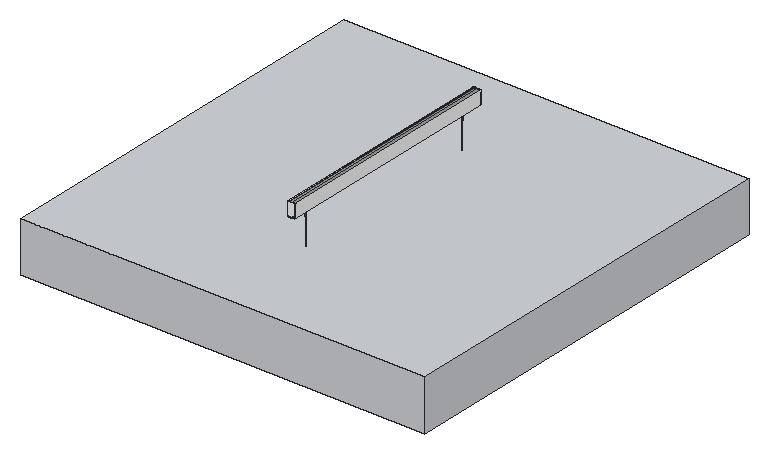
Revit family "LAMP_FIL 45 1400MM D-I OPAL", category Luminarias, Revit 2018
Family settings
  Anfitrión = Cara
  Cota de conector redondo = Diámetro de uso
  Tipo de pieza = Normal
  Corte con vacíos al cargar = No
  Origen de luz = Sí
  Compartido = No
  Punto de cálculo de habitación = No
Parameters (values of type "5000LM 3000K  BLACK")
  Ángulo de inclinación = -90.00°
  Weight = 3.20 kg
  Wattage = 23.31 W
  Type = "MID POWER TRIDONIC"
  built-in parameter 1150107 = 3000 (stored number, unit not read)
  Suspension distance [instance] = if(Suspension > 4000 mm, 4000 mm, if(Suspension < 1 mm, 1 mm, Suspension))  # 200 mm
  Suspension [instance] = 200 mm
  built-in parameter 1150110 = 1 (stored number, unit not read)
  built-in parameter 1150109 = 1 (stored number, unit not read)
  built-in parameter 1150112 = 1 (stored number, unit not read)
  built-in parameter 1150113 = 1 (stored number, unit not read)
  built-in parameter 1114218 = 1 (stored number, unit not read)
  Protection rating = "IP20 / IK07"
  Product datasheet = "http://www.lamp.es/product-files/TECH/F41SF140MOIO830NB-EN.pdf"
  Product code = "F41SF140MOIO830NB"
  Product URL = "https://www.lamp.es/en/family/fil-45_413951"
  Power Supply = "220-240V 50/60Hz"
  Power = 30 W
  Plum = 33.3 W
  Photobiological risk = ""
  NOT COVER 2 [instance] = not(END COVER 2)  # no
  NOT COVER 1 [instance] = not(END COVER 1)  # no
  built-in parameter 1150137 = (empty or 0)
  built-in parameter 1150132 = 2
  Modelo = Product code  # "F41SF140MOIO830NB"
  Model Explanation = ""
  Material suspension = LAMP_Acero genérico
  Material perfil = LAMP_Aluminio Perfil Fil NG
  Material difusor = LAMP_PC Difusor Opal Fil
  Manufacturer name = "LAMP"
  Manufacturer country = "Spain"
  Manufacturer URL = "http://www.lamp.es/en"
  MacAdam = "3"
  Longitud de línea de emisión = 1400 mm
  Last update = "21/04/2021"
  Lamp = "MID-POWER LED"
  LED Lifetime = "70.000 L80 B10"
  built-in parameter 1150105 = 177.59 (stored number, unit not read)
  built-in parameter 1150102 = (empty or 0)
  Insulation class = "I"
  Installation instructions = "https://www.lamp.es/product-files/INS/1004580-C%20INSTR.%20FIL45.pdf"
  Indirect light = LAMP_FIL 45 1400MM D-I OPAL_I : 3000K
  built-in parameter 1150106 = 1.7759 (stored number, unit not read)
  IEE = "A+"
  Gear = "Electronic"
  Lumens = 2231.7 lm
  Finish = "Matte black RAL 9011"
  Color Filter = 16777215
  built-in parameter 1114217 = 1 (stored number, unit not read)
  built-in parameter 1150139 = (empty or 0)
  Fabricante = Manufacturer name  # "LAMP"
  Default Elevation = 1219.2 mm
  built-in parameter 1150104 = 8.8945 (stored number, unit not read)
  Efficacy = 95.72 lm/W
  END COVER 2 [instance] = yes
  END COVER 1 [instance] = yes
  Dimensions = "1400x45x80"
  Descripción = "FIL45 SUR 1400 5000 WW D/I OPAL BK."
  built-in parameter 1150115 = 1 (stored number, unit not read)
  built-in parameter 1150114 = 1 (stored number, unit not read)
  built-in parameter 1150138 = (empty or 0)
  built-in parameter 1150134 = 3
  Dimming Lamp Color Temperature Shift = (empty or 0)
  CRI = "80"
  Archivo de red fotométrica = "F41SF140MOIO830NW_D.IES"
  built-in parameter 1150133 = 10 (stored number, unit not read)
Types (12, lengths in mm): name | Weight | built-in parameter 1150107 | Product datasheet | Product code | Modelo | Material perfil | built-in parameter 1150105 | Indirect light | built-in parameter 1150106 | Lumens | Finish | built-in parameter 1150104 | Efficacy | Descripción | Archivo de red fotométrica
  5000LM 3000K DALI BLACK | 3.348 kg | 3000 (stored number, unit not read) | "http://www.lamp.es/product-files/TECH/F41SF140MOIO830DB-EN.pdf" | "F41SF140MOIO830DB" | "F41SF140MOIO830DB" | LAMP_Aluminio Perfil Fil NG | 848.78 (stored number, unit not read) | LAMP_FIL 45 1400MM D-I OPAL_I : 3000K | 8.4878 (stored number, unit not read) | 2231.7 lm | "Matte black RAL 9011" | 8.8945 (stored number, unit not read) | 95.72 lm/W | "FIL45 SUR 1400 5000 WW D/I OPAL DALI BK." | "F41SF140MOIO830NW_D.IES"
  5000LM 3000K DALI GREY | 3.348 kg | 3000 (stored number, unit not read) | "http://www.lamp.es/product-files/TECH/F41SF140MOIO830DG-EN.pdf" | "F41SF140MOIO830DG" | "F41SF140MOIO830DG" | LAMP_Aluminio Perfil Fil GR | 177.59 (stored number, unit not read) | LAMP_FIL 45 1400MM D-I OPAL_I : 3000K | 1.7759 (stored number, unit not read) | 2231.7 lm | "Gloss grey" | 8.8945 (stored number, unit not read) | 95.72 lm/W | "FIL45 SUR 1400 5000 WW D/I OPAL DALI GR." | "F41SF140MOIO830NW_D.IES"
  5000LM 3000K DALI WHITE | 3.348 kg | 3000 (stored number, unit not read) | "http://www.lamp.es/product-files/TECH/F41SF140MOIO830DW-EN.pdf" | "F41SF140MOIO830DW" | "F41SF140MOIO830DW" | LAMP_Aluminio Perfil Fil BL | 177.59 (stored number, unit not read) | LAMP_FIL 45 1400MM D-I OPAL_I : 3000K | 1.7759 (stored number, unit not read) | 2231.7 lm | "Matte white RAL 9010" | 8.8945 (stored number, unit not read) | 95.72 lm/W | "FIL45 SUR 1400 5000 WW D/I OPAL DALI WH." | "F41SF140MOIO830NW_D.IES"
  5000LM 3000K  BLACK | 3.20 kg | 3000 (stored number, unit not read) | "http://www.lamp.es/product-files/TECH/F41SF140MOIO830NB-EN.pdf" | "F41SF140MOIO830NB" | "F41SF140MOIO830NB" | LAMP_Aluminio Perfil Fil NG | 177.59 (stored number, unit not read) | LAMP_FIL 45 1400MM D-I OPAL_I : 3000K | 1.7759 (stored number, unit not read) | 2231.7 lm | "Matte black RAL 9011" | 8.8945 (stored number, unit not read) | 95.72 lm/W | "FIL45 SUR 1400 5000 WW D/I OPAL BK." | "F41SF140MOIO830NW_D.IES"
  5000LM 3000K  GREY | 3.20 kg | 3000 (stored number, unit not read) | "http://www.lamp.es/product-files/TECH/F41SF140MOIO830NG-EN.pdf" | "F41SF140MOIO830NG" | "F41SF140MOIO830NG" | LAMP_Aluminio Perfil Fil GR | 177.59 (stored number, unit not read) | LAMP_FIL 45 1400MM D-I OPAL_I : 3000K | 1.7759 (stored number, unit not read) | 2231.7 lm | "Gloss grey" | 8.8945 (stored number, unit not read) | 95.72 lm/W | "FIL45 SUR 1400 5000 WW D/I OPAL GR." | "F41SF140MOIO830NW_D.IES"
  5000LM 3000K  WHITE | 3.20 kg | 3000 (stored number, unit not read) | "http://www.lamp.es/product-files/TECH/F41SF140MOIO830NW-EN.pdf" | "F41SF140MOIO830NW" | "F41SF140MOIO830NW" | LAMP_Aluminio Perfil Fil BL | 177.56 (stored number, unit not read) | LAMP_FIL 45 1400MM D-I OPAL_I : 3000K | 1.7756 (stored number, unit not read) | 2231.23 lm | "Matte white RAL 9010" | 8.8927 (stored number, unit not read) | 95.72 lm/W | "FIL45 SUR 1400 5000 WW D/I OPAL WH." | "F41SF140MOIO830NW_D.IES"
  5000LM 4000K DALI BLACK | 3.348 kg | 4000 (stored number, unit not read) | "http://www.lamp.es/product-files/TECH/F41SF140MOIO840DB-EN.pdf" | "F41SF140MOIO840DB" | "F41SF140MOIO840DB" | LAMP_Aluminio Perfil Fil NG | 185.27 (stored number, unit not read) | LAMP_FIL 45 1400MM D-I OPAL_I : 4000K | 1.8527 (stored number, unit not read) | 2328.2 lm | "Matte black RAL 9011" | 9.2792 (stored number, unit not read) | 99.88 lm/W | "FIL45 SUR 1400 5000 NW D/I OPAL DALI BK." | "F41SF140MOIO840NW_D.IES"
  5000LM 4000K DALI GREY | 3.348 kg | 4000 (stored number, unit not read) | "http://www.lamp.es/product-files/TECH/F41SF140MOIO840DG-EN.pdf" | "F41SF140MOIO840DG" | "F41SF140MOIO840DG" | LAMP_Aluminio Perfil Fil GR | 185.27 (stored number, unit not read) | LAMP_FIL 45 1400MM D-I OPAL_I : 4000K | 1.8527 (stored number, unit not read) | 2328.2 lm | "Gloss grey" | 9.2792 (stored number, unit not read) | 99.88 lm/W | "FIL45 SUR 1400 5000 NW D/I OPAL DALI GR." | "F41SF140MOIO840NW_D.IES"
  5000LM 4000K DALI WHITE | 3.348 kg | 4000 (stored number, unit not read) | "http://www.lamp.es/product-files/TECH/F41SF140MOIO840DW-EN.pdf" | "F41SF140MOIO840DW" | "F41SF140MOIO840DW" | LAMP_Aluminio Perfil Fil BL | 185.27 (stored number, unit not read) | LAMP_FIL 45 1400MM D-I OPAL_I : 4000K | 1.8527 (stored number, unit not read) | 2328.2 lm | "Matte white RAL 9010" | 9.2792 (stored number, unit not read) | 99.88 lm/W | "FIL45 SUR 1400 5000 NW D/I OPAL DALI WH." | "F41SF140MOIO840NW_D.IES"
  5000LM 4000K  BLACK | 3.20 kg | 4000 (stored number, unit not read) | "http://www.lamp.es/product-files/TECH/F41SF140MOIO840NB-EN.pdf" | "F41SF140MOIO840NB" | "F41SF140MOIO840NB" | LAMP_Aluminio Perfil Fil NG | 185.27 (stored number, unit not read) | LAMP_FIL 45 1400MM D-I OPAL_I : 4000K | 1.8527 (stored number, unit not read) | 2328.2 lm | "Matte black RAL 9011" | 9.2792 (stored number, unit not read) | 99.88 lm/W | "FIL45 SUR 1400 5000 NW D/I OPAL BK." | "F41SF140MOIO840NW_D.IES"
  5000LM 4000K  GREY | 3.20 kg | 4000 (stored number, unit not read) | "http://www.lamp.es/product-files/TECH/F41SF140MOIO840NG-EN.pdf" | "F41SF140MOIO840NG" | "F41SF140MOIO840NG" | LAMP_Aluminio Perfil Fil GR | 185.27 (stored number, unit not read) | LAMP_FIL 45 1400MM D-I OPAL_I : 4000K | 1.8527 (stored number, unit not read) | 2328.2 lm | "Gloss grey" | 9.2792 (stored number, unit not read) | 99.88 lm/W | "FIL45 SUR 1400 5000 NW D/I OPAL GR." | "F41SF140MOIO840NW_D.IES"
  5000LM 4000K  WHITE | 3.20 kg | 4000 (stored number, unit not read) | "http://www.lamp.es/product-files/TECH/F41SF140MOIO840NW-EN.pdf" | "F41SF140MOIO840NW" | "F41SF140MOIO840NW" | LAMP_Aluminio Perfil Fil BL | 185.27 (stored number, unit not read) | LAMP_FIL 45 1400MM D-I OPAL_I : 4000K | 1.8527 (stored number, unit not read) | 2328.2 lm | "Matte white RAL 9010" | 9.2792 (stored number, unit not read) | 99.88 lm/W | "FIL45 SUR 1400 5000 NW D/I OPAL WH." | "F41SF140MOIO840NW_D.IES"
Reference planes
  plane 1 "Centro (Frontal/Posterior)": y = 0
  plane 2: z = 0
  plane 3 "Centro (Izquierda/Derecha)": x = 0
Forms (mm)
  Extrusion 1, solid
    sketch origin (0, 0, 0) x (1, 0, 0) y (0, 1, 0)
      loop
        line (-1219.2, 1219.2) -> (-1219.2, -1219.2) -> (1219.2, -1219.2) -> (1219.2, 1219.2) -> (-1219.2, 1219.2)
    from 0 to -304.8
  Extrusion 2, solid, material "LAMP_Aluminio Perfil Fil NG" <- "Material perfil"
    sketch origin (0, 0, 0) x (1, 0, 0) y (0, 0, 1)
      loop
        arc (22.5, 285.7) -> (21.5, 286.7) -> (20.5, 285.7) r 1
        line (20.5, 285.7) -> (20.5, 284.2) -> (17.8, 284.2) -> (17.8, 259) -> (0, 259) -> (-17.8, 259) -> (-17.8, 284.2) -> (-20.5, 284.2) -> (-20.5, 285.7)
        arc (-20.5, 285.7) -> (-21.5, 286.7) -> (-22.5, 285.7) r 1
        line (-22.5, 285.7) -> (-22.5, 206.5) -> (-20.7, 206.5) -> (-20.7, 210) -> (-12.5, 210) -> (-12.5, 208) -> (-14.8, 208) -> (-14.5, 206.5) -> (-11, 206.5) -> (-11, 214.5) -> (0, 214.5) -> (11, 214.5) -> (11, 206.5) -> (14.5, 206.5) -> (14.8, 208) -> (12.5, 208) -> (12.5, 210) -> (20.7, 210) -> (20.7, 206.5) -> (22.5, 206.5) -> (22.5, 285.7)
    from -700 to 700
  Extrusion 3, solid, material "LAMP_Acero genérico" <- "Material suspension"
    sketch origin (0, 0, 0) x (1, 0, 0) y (0, 0, 1)
      loop
        line (-12.5, 201) -> (-15.291, 208.272) -> (-12.823, 210) -> (-13.823, 210) -> (-16.291, 208.272) -> (-13.116, 200) -> (0, 200) -> (13.116, 200) -> (16.291, 208.272) -> (13.823, 210) -> (12.823, 210) -> (15.291, 208.272) -> (12.5, 201) -> (0, 201) -> (-12.5, 201)
    from -600 to -578
  Extrusion 4, solid, material "LAMP_Acero genérico" <- "Material suspension"
    sketch origin (0, -224, 0) x (1, 0, 0) y (0, 1, 0)
      loop
        circle (0, -365) r 5
    from 163.2 to 200
  Extrusion 5, solid, material "LAMP_Acero genérico" <- "Material suspension"
    sketch origin (0, 224, 0) x (1, 0, 0) y (0, 1, 0)
      loop
        circle (0, 365) r 5
    from 163.2 to 200
  Extrusion 6, solid, material "LAMP_Acero genérico" <- "Material suspension"
    sketch origin (0, -200, 0) x (1, 0, 0) y (0, 1, 0)
      loop
        circle (0, -389) r 1
    from 0 to 163.2
  Extrusion 7, solid, material "LAMP_Acero genérico" <- "Material suspension"
    sketch origin (0, 200, 0) x (1, 0, 0) y (0, 1, 0)
      loop
        circle (0, 389) r 1
    from 0 to 163.2
  Extrusion 8, solid, material "LAMP_PC Difusor Opal Fil" <- "Material difusor"
    sketch origin (0, 0, 0) x (1, 0, 0) y (0, 0, 1)
      loop
        line (-20.5, 284.2) -> (0, 284.2) -> (20.5, 284.2) -> (20.5, 286.7) -> (0, 286.7) -> (-20.5, 286.7) -> (-20.5, 284.2)
    from -700 to 700
  Extrusion 9, solid, material "LAMP_Acero genérico" <- "Material suspension"
    sketch origin (0, -200, 0) x (1, 0, 0) y (0, 0, -1)
      loop
        line (-12.5, -201) -> (0, -201) -> (12.5, -201) -> (15.291, -208.272) -> (12.823, -210) -> (13.823, -210) -> (16.291, -208.272) -> (13.116, -200) -> (0, -200) -> (-13.116, -200) -> (-16.291, -208.272) -> (-13.823, -210) -> (-12.823, -210) -> (-15.291, -208.272) -> (-12.5, -201)
    from -400 to -378
  Extrusion 10, solid, material "LAMP_PC Difusor Opal Fil" <- "Material difusor"
    sketch origin (0, 0, 0) x (1, 0, 0) y (0, 0, 1)
      loop
        line (-11, 214.5) -> (-11, 206.5) -> (-7.529, 206.5) -> (11, 206.5) -> (11, 214.5) -> (10, 214.5) -> (10, 207.5) -> (-10, 207.5) -> (-10, 214.5) -> (-11, 214.5)
    from -700 to 700
Lines and regions (mm)
  reference lines
    curve 1: line (0, -445.47, 200) -> (0, 544.53, 200)
Text (mm)
  text "Any modification of the parameters and properties of the LAMP BIM models must be executed and validated by the LAMP technical department.\nPhone: +34 93 736 68 00\nE-mail: lamp@lamp.es\n\nLAMP reserves the right to modify the technical specifications of its products." at (3279.264, 5298.162, -2684.539), in view "Preview"
Dimensions and locks
  "Suspension distance": level to curve 1
  locked: Extrusion 4 to Extrusion 4 at 36.8
  locked: Extrusion 5 to Extrusion 5 at 36.8
  aligned and locked: plane 2 to Extrusion 1
  aligned and locked: level to Extrusion 1
  aligned and locked: Extrusion 8 to Extrusion 2  (x2)
  aligned and locked: Extrusion 9 to curve 1
  aligned and locked: curve 1 to Extrusion 3
  aligned and locked: curve 1 to Extrusion 4
  aligned and locked: Extrusion 5 to curve 1
  aligned and locked: Extrusion 6 to Extrusion 4
  aligned and locked: Extrusion 7 to Extrusion 5
  aligned and locked: Extrusion 2 to Extrusion 9  (x2)
  aligned and locked: imposter light to Extrusion 8
  aligned and locked: Extrusion 10 to Extrusion 2
  aligned and locked: nested 1 to Extrusion 2  (x2)
  aligned and locked: nested 2 to Extrusion 2
Automatic sketch dimensions
  Extrusion 1 sketch curve to Extrusion 1 sketch curve = 2438.4 mm  (x2)
  Extrusion 3 sketch curve to plane 3 "Centro (Izquierda/Derecha)" = 0 mm  (x2)
  Extrusion 3 sketch curve to Extrusion 3 sketch curve = 12.5 mm
  Extrusion 3 sketch curve to Extrusion 3 sketch curve = 0.323 mm  (x2)
  Extrusion 3 sketch curve to Extrusion 3 sketch curve = 0.616 mm  (x2)
  Extrusion 3 sketch curve to Extrusion 3 sketch curve = 1 mm  (x5)
  Extrusion 3 sketch curve to Extrusion 3 sketch curve = 1.468 mm  (x2)
  plane 3 "Centro (Izquierda/Derecha)" to Extrusion 3 sketch curve = 12.5 mm
  level to Extrusion 3 sketch curve = 200 mm
  Extrusion 3 sketch curve to Extrusion 3 sketch curve = 7.272 mm  (x2)
  Extrusion 3 sketch curve to Extrusion 3 sketch curve = 0 mm  (x2)
  Extrusion 3 sketch curve to Extrusion 3 sketch curve = 1.728 mm  (x2)
  Extrusion 4 sketch curve to plane 3 "Centro (Izquierda/Derecha)" = 0 mm
  plane 1 "Centro (Frontal/Posterior)" to Extrusion 4 sketch curve = 589 mm
  Extrusion 5 sketch curve to plane 3 "Centro (Izquierda/Derecha)" = 0 mm
  plane 1 "Centro (Frontal/Posterior)" to Extrusion 5 sketch curve = 589 mm
  Extrusion 6 sketch curve to plane 3 "Centro (Izquierda/Derecha)" = 0 mm
  plane 1 "Centro (Frontal/Posterior)" to Extrusion 6 sketch curve = 589 mm
  Extrusion 7 sketch curve to plane 3 "Centro (Izquierda/Derecha)" = 0 mm
  plane 1 "Centro (Frontal/Posterior)" to Extrusion 7 sketch curve = 589 mm
  Extrusion 2 sketch curve to plane 3 "Centro (Izquierda/Derecha)" = 0 mm  (x2)
  Extrusion 2 sketch curve to plane 3 "Centro (Izquierda/Derecha)" = 11 mm
  Extrusion 2 sketch curve to Extrusion 2 sketch curve = 1.5 mm  (x6)
  Extrusion 2 sketch curve to Extrusion 2 sketch curve = 2 mm  (x2)
  Extrusion 2 sketch curve to Extrusion 2 sketch curve = 0.3 mm  (x2)
  Extrusion 2 sketch curve to Extrusion 2 sketch curve = 17.8 mm
  Extrusion 2 sketch curve to Extrusion 2 sketch curve = 2.7 mm  (x2)
  Extrusion 2 sketch curve to Extrusion 2 sketch curve = 5.9 mm  (x2)
  Extrusion 2 sketch curve to Extrusion 2 sketch curve = 1 mm  (x2)
  plane 3 "Centro (Izquierda/Derecha)" to Extrusion 2 sketch curve = 11 mm
  plane 3 "Centro (Izquierda/Derecha)" to Extrusion 2 sketch curve = 17.8 mm
  level to Extrusion 2 sketch curve = 206.5 mm
  Extrusion 2 sketch curve to Extrusion 2 sketch curve = 0 mm  (x3)
  Extrusion 2 sketch curve to Extrusion 2 sketch curve = 3.5 mm  (x2)
  Extrusion 2 sketch curve to Extrusion 2 sketch curve = 4.5 mm
  Extrusion 2 sketch curve to Extrusion 2 sketch curve = 44.5 mm
  Extrusion 2 sketch curve to Extrusion 2 sketch curve = 25.2 mm  (x2)
  Extrusion 8 sketch curve to plane 3 "Centro (Izquierda/Derecha)" = 0 mm  (x2)
  Extrusion 8 sketch curve to Extrusion 8 sketch curve = 20.5 mm
  plane 3 "Centro (Izquierda/Derecha)" to Extrusion 8 sketch curve = 20.5 mm
  level to Extrusion 8 sketch curve = 284.2 mm
  Extrusion 8 sketch curve to Extrusion 8 sketch curve = 2.5 mm
  Extrusion 9 sketch curve to plane 3 "Centro (Izquierda/Derecha)" = 0 mm  (x2)
  Extrusion 9 sketch curve to Extrusion 9 sketch curve = 12.5 mm
  Extrusion 9 sketch curve to Extrusion 9 sketch curve = 0.323 mm  (x2)
  Extrusion 9 sketch curve to Extrusion 9 sketch curve = 0.616 mm  (x2)
  Extrusion 9 sketch curve to Extrusion 9 sketch curve = 1 mm  (x5)
  Extrusion 9 sketch curve to Extrusion 9 sketch curve = 1.468 mm  (x2)
  plane 3 "Centro (Izquierda/Derecha)" to Extrusion 9 sketch curve = 12.5 mm
  level to Extrusion 9 sketch curve = 210 mm
  Extrusion 9 sketch curve to Extrusion 9 sketch curve = 0 mm  (x3)
  Extrusion 9 sketch curve to Extrusion 9 sketch curve = 1.728 mm  (x2)
  Extrusion 9 sketch curve to Extrusion 9 sketch curve = 7.272 mm
  Extrusion 10 sketch curve to plane 3 "Centro (Izquierda/Derecha)" = 11 mm
  Extrusion 10 sketch curve to Extrusion 10 sketch curve = 1 mm  (x3)
  Extrusion 10 sketch curve to Extrusion 10 sketch curve = 2.471 mm
  plane 3 "Centro (Izquierda/Derecha)" to Extrusion 10 sketch curve = 10 mm
  level to Extrusion 10 sketch curve = 206.5 mm
  Extrusion 10 sketch curve to Extrusion 10 sketch curve = 7 mm  (x2)
  plane 1 "Centro (Frontal/Posterior)" to curve 1 = 445.47 mm
  curve 1 to plane 1 "Centro (Frontal/Posterior)" = 544.53 mm
  radius of Extrusion 4 sketch curve = 5 mm
  radius of Extrusion 5 sketch curve = 5 mm
  radius of Extrusion 6 sketch curve = 1 mm
  radius of Extrusion 7 sketch curve = 1 mm
Nested families
  nested 1: "LAMP_FIL 45 END COVER SURFACE" at (0, -701, 206.5), visible <- "END COVER 1", type "LAMP_FIL 45 END COVER SURFACE"
  nested 2: "LAMP_FIL 45 END COVER SURFACE" at (0, 701, 206.5), visible <- "END COVER 2", type "LAMP_FIL 45 END COVER SURFACE"
  nested 3: "LAMP_FIL 45 1400MM D-I OPAL_I" at (0, -0.108, -1293.5), type "3000K"
Connectors
  electrical at (0, 589, 200)
    settings: on Extrusion 5, index 1, voltage 230 V, apparent load 0 VA, apparent load phase1 0 VA, apparent load phase2 0 VA, apparent load phase3 0 VA, power factor 1, load classification "Otro", number of poles 1, system type 31, power factor state 1, is connector primary yes, connector utility no, sub classification motor no, connector description ""
Definition of nested family "LAMP_FIL 45 END COVER SURFACE"
  Parameters (values of type "Blanco")
    Material tapa = none
  Reference planes
    plane 1 "Centro (Frontal/Posterior)": y = 0
    plane 2: z = 0
    plane 3 "Centro (Izquierda/Derecha)": x = 0
  Forms (mm)
    Extrusion 1, solid, material <- "Material tapa"
      sketch origin (0, 0, 0) x (0, -1, 0) y (0, 0, 1)
        loop
          line (0, 0) -> (1, 0) -> (1, 80) -> (-1, 80) -> (-1, 0) -> (0, 0)
      from -22.5 to 22.5
  Dimensions and locks
    aligned and locked: level to plane 2
Definition of nested family "LAMP_FIL 45 1400MM D-I OPAL_I"
  Parameters (values of type "3000K")
    Tilt Angle = -90.00°
    Wattage = 9.99 W
    built-in parameter 1150110 = 1 (stored number, unit not read)
    built-in parameter 1114217 = 1 (stored number, unit not read)
    built-in parameter 1150109 = 1 (stored number, unit not read)
    built-in parameter 1150134 = (empty or 0)
    built-in parameter 1150113 = 1 (stored number, unit not read)
    Lumens = 956.443 lm
    built-in parameter 1150115 = 1 (stored number, unit not read)
    built-in parameter 1150105 = 76.111 (stored number, unit not read)
    built-in parameter 1150137 = (empty or 0)
    built-in parameter 1150139 = (empty or 0)
    built-in parameter 1150112 = 1 (stored number, unit not read)
    built-in parameter 1150114 = 1 (stored number, unit not read)
    built-in parameter 1150132 = 2
    built-in parameter 1150102 = (empty or 0)
    built-in parameter 1150138 = (empty or 0)
    built-in parameter 1150107 = 3000 (stored number, unit not read)
    built-in parameter 1150106 = 0.76111 (stored number, unit not read)
    built-in parameter 1150104 = 8.8945 (stored number, unit not read)
    Dimming Lamp Color Temperature Shift = (empty or 0)
    Color Filter = 16777215
    built-in parameter 1114218 = 1 (stored number, unit not read)
    Photometric Web File = "F41SF140MOIO830NW_I.IES"
    built-in parameter 1150133 = 10 (stored number, unit not read)
  Types (3, lengths in mm): name | built-in parameter 1150134 | Lumens | built-in parameter 1150105 | built-in parameter 1150107 | built-in parameter 1150106 | built-in parameter 1150104 | Photometric Web File
    (no name) | (empty or 0) | 956.443 lm | 76.111 (stored number, unit not read) | 3000 (stored number, unit not read) | 0.76111 (stored number, unit not read) | 8.8945 (stored number, unit not read) | "F41SF140MOIO830NW_I.IES"
    3000K | (empty or 0) | 956.443 lm | 76.111 (stored number, unit not read) | 3000 (stored number, unit not read) | 0.76111 (stored number, unit not read) | 8.8945 (stored number, unit not read) | "F41SF140MOIO830NW_I.IES"
    4000K | 12 | 997.801 lm | 79.402 (stored number, unit not read) | 4000 (stored number, unit not read) | 0.79402 (stored number, unit not read) | 9.2792 (stored number, unit not read) | "F41SF140MOIO840NW_I.IES"
  Reference planes
    plane 1 "Eje de origen de luz (F/P)": y = 0
    plane 2: z = 0
    plane 3 "Eje de origen de luz (I/D)": x = 0
    plane 4 "Elevación de origen de luz": z = 1500
  Dimensions and locks
    aligned and locked: plane 3 "Eje de origen de luz (I/D)" to imposter light
    aligned and locked: plane 1 "Eje de origen de luz (F/P)" to imposter light
    aligned and locked: plane 4 "Elevación de origen de luz" to imposter light
    aligned and locked: level to plane 2
